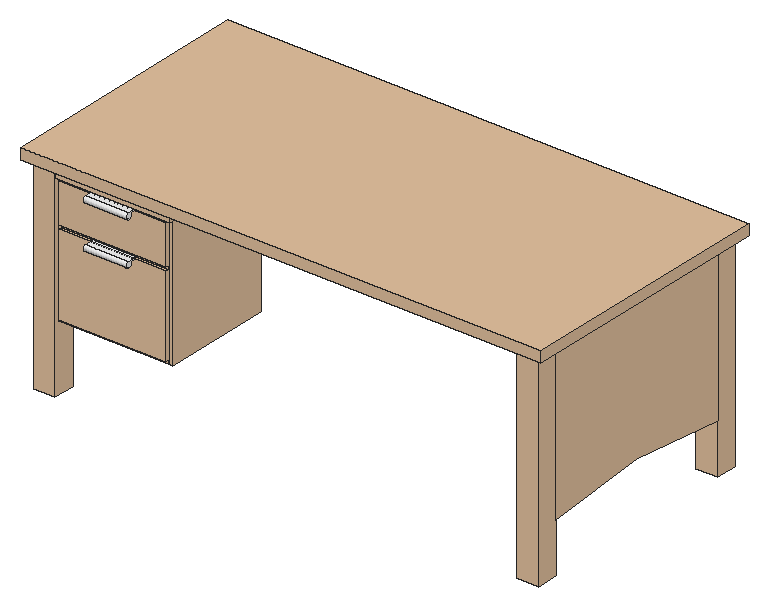
Revit family "Office Desk", category Furniture, Revit 2013
Parameters (values of type "6' x 3'")
  Width - Bottom = Width - 0' 2"  # 5' - 10"
  Width = 6' - 0"
  Pull Handle Material = Metal - Aluminum
  Length = 3' - 0"
  Desk Material = Wood - Cherry
Reference planes (in)
  plane 1 "Center Front/Back": y = 0
  plane 2: z = 0
  plane 3 "Center Left/Right": x = 0
  plane 4: x = -36
  plane 5: x = 36
  plane 6: x = 35
  plane 7: x = -35
  plane 8: y = -18
  plane 9: y = 18
  plane 10: y = -17
  plane 11: y = -14
  plane 12: y = 14
  plane 13: y = 17
  plane 14: x = -32
  plane 15: x = 32
  plane 16: x = 34
  plane 17: x = -34
  plane 18: y = 14.74803
  plane 19: z = 30
  plane 20: z = 0
  plane 21: y = 16
  plane 22: x = -16.125
  plane 23: x = -16.625
  plane 24: x = -31.5
  plane 25: y = -16.5
  plane 26: y = -1.25197
  plane 27: x = -27.0625
  plane 28: x = -21.0625
Forms (in)
  Extrusion 1, solid, material "Wood - Cherry" <- "Desk Material"
    sketch origin (98.77894, 209.08489, 0) x (0, 1, 0) y (-1, 0, 0)
      loop
        line (-191.08489, 62.77894) -> (-191.08489, 134.77894) -> (-227.08489, 134.77894) -> (-227.08489, 62.77894) -> (-191.08489, 62.77894)
    from 28.5 to 30
  Extrusion 2, solid, material "Wood - Cherry" <- "Desk Material"
    sketch origin (-170.64042, 90.72699, 0) x (-1, 0, 0) y (0, -1, 0)
      loop
        line (-138.64042, 107.72699) -> (-138.64042, 104.72699) -> (-135.64042, 104.72699) -> (-135.64042, 107.72699) -> (-138.64042, 107.72699)
      loop
        line (-138.64042, 73.72699) -> (-135.64042, 73.72699) -> (-135.64042, 76.72699) -> (-138.64042, 76.72699) -> (-138.64042, 73.72699)
      loop
        line (-202.64042, 107.72699) -> (-205.64042, 107.72699) -> (-205.64042, 104.72699) -> (-202.64042, 104.72699) -> (-202.64042, 107.72699)
      loop
        line (-202.64042, 73.72699) -> (-202.64042, 76.72699) -> (-205.64042, 76.72699) -> (-205.64042, 73.72699) -> (-202.64042, 73.72699)
    from 0 to 28.5
  Extrusion 3, solid, material "Wood - Cherry" <- "Desk Material"
    sketch origin (-35, -15.74803, 48) x (0, 1, 0) y (0, 0, 1)
      loop
        arc (1.74803, -41) -> (15.74803, -39.58414) -> (29.74803, -41) r 69.92398
        line (29.74803, -41) -> (29.74803, -19.5) -> (1.74803, -19.5) -> (1.74803, -41)
    from 0 to 1
  Extrusion 4, solid, material "Wood - Cherry" <- "Desk Material"
    sketch origin (26.55859, -15.74803, 48) x (0, 1, 0) y (0, 0, -1)
      loop
        line (1.74803, 41) -> (1.74803, 19.5) -> (29.74803, 19.5) -> (29.74803, 41)
        arc (29.74803, 41) -> (15.74803, 39.58414) -> (1.74803, 41) r 69.92398
    from -8.44141 to -7.44141
  Extrusion 5, solid, material "Wood - Cherry" <- "Desk Material"
    sketch origin (15.55859, 14.74803, 48) x (1, 0, 0) y (0, 0, 1)
      loop
        line (16.44141, -41) -> (16.44141, -19.5) -> (-47.55859, -19.5) -> (-47.55859, -41)
        arc (-47.55859, -41) -> (-15.55859, -39.15777) -> (16.44141, -41) r 278.84589
    from -2.25197 to -1.25197
  Extrusion 6, solid, material "Wood - Cherry" <- "Desk Material"
    sketch origin (0, 0, 0) x (-1, 0, 0) y (0, 0, 1)
      loop
        line (31.5, 9.25) -> (31.5, 9.75) -> (16.625, 9.75) -> (16.625, 9.25) -> (31.5, 9.25)
      loop
        line (31.5, 21) -> (31.5, 21.5) -> (16.625, 21.5) -> (16.625, 21) -> (31.5, 21)
    from -16.5 to -1.25197
  Extrusion 7, solid, material "Wood - Cherry" <- "Desk Material"
    sketch origin (0, 0, 0) x (-1, 0, 0) y (0, 0, 1)
      loop
        line (16.125, 28.5) -> (16.125, 9.25) -> (16.625, 9.25) -> (16.625, 28.5) -> (16.125, 28.5)
      loop
        line (31.5, 9.25) -> (32, 9.25) -> (32, 28.5) -> (31.5, 28.5) -> (31.5, 9.25)
    from -16.5 to -1.25197
  Extrusion 8, solid, material "Wood - Cherry" <- "Desk Material"
    sketch origin (32.93991, 0, 27.63987) x (-1, 0, 0) y (0, 0, 1)
      loop
        line (49.06491, -0.51487) -> (64.93991, -0.51487) -> (64.93991, 0.86013) -> (49.06491, 0.86013) -> (49.06491, -0.51487)
    from -17 to -16.5
  Extrusion 9, solid, material "Wood - Cherry" <- "Desk Material"
    sketch origin (32.93991, 0, 26.13987) x (-1, 0, 0) y (0, 0, 1)
      loop
        line (49.56491, -4.63987) -> (64.43991, -4.63987) -> (64.43991, 0.86013) -> (49.56491, 0.86013) -> (49.56491, -4.63987)
    from -17 to -16.5
  Extrusion 10, solid, material "Wood - Cherry" <- "Desk Material"
    sketch origin (32.93991, 0, 20.13987) x (-1, 0, 0) y (0, 0, 1)
      loop
        line (49.56491, -10.38987) -> (64.43991, -10.38987) -> (64.43991, 0.86013) -> (49.56491, 0.86013) -> (49.56491, -10.38987)
    from -17 to -16.5
  Extrusion 11, solid, material "Metal - Aluminum" <- "Pull Handle Material"
    sketch origin (-27.0625, -14.74803, -0.75) x (0, 1, 0) y (0, 0, 1)
      loop
        arc (-3.12294, 27.78102) -> (-3.27603, 27.0637) -> (-2.84343, 27.65602) r 0.375
        line (-2.84343, 27.65602) -> (-2.25197, 27.65602) -> (-2.25197, 27.75) -> (-1.75197, 27.75) -> (-1.75197, 27.78102) -> (-3.12294, 27.78102)
    from 0 to 6
  Extrusion 12, solid, material "Metal - Aluminum" <- "Pull Handle Material"
    sketch origin (-27.0625, -14.74803, -6.75) x (0, 1, 0) y (0, 0, 1)
      loop
        arc (-3.12294, 27.78102) -> (-3.27603, 27.0637) -> (-2.84343, 27.65602) r 0.375
        line (-2.84343, 27.65602) -> (-2.25197, 27.65602) -> (-2.25197, 27.75) -> (-1.75197, 27.75) -> (-1.75197, 27.78102) -> (-3.12294, 27.78102)
    from 0 to 6
Dimensions and locks (in)
  "Width": plane 5 to plane 4
  "Width - Bottom": plane 6 to plane 7
  equal spacing: plane 5, plane 3 "Center Left/Right", plane 4
  equal spacing: plane 6, plane 3 "Center Left/Right", plane 7
  locked: plane 8 to plane 10 at 1
  locked: plane 6 to plane 15 at 3
  locked: plane 14 to plane 7 at 3
  locked: plane 6 to plane 16 at 1
  locked: plane 17 to plane 7 at 1
  locked: plane 10 to plane 11 at 3
  locked: plane 13 to plane 12 at 3
  "Length": plane 8 to plane 9
  equal spacing: plane 8, plane 1 "Center Front/Back", plane 9
  locked: plane 9 to plane 13 at 1
  locked: level to plane 19 at 30
  Extrusion 4 to plane 21 to plane 13 = 0' - 2", 0' - 1"
  locked: plane 22 to plane 14 at 15.875
  locked: plane 22 to plane 23 at 0.5
  locked: plane 24 to plane 14 at 0.5
  locked: plane 10 to plane 25 at 0.5
  locked: plane 25 to plane 26 at 15.24803
  locked: plane 22 to plane 28 at 4.9375
  locked: plane 27 to plane 14 at 4.9375
  aligned and locked: level to plane 2
  aligned and locked: Extrusion 2 to plane 10  (x3)
  aligned and locked: plane 11 to Extrusion 2  (x4)
  aligned and locked: Extrusion 2 to plane 14
  aligned and locked: plane 7 to Extrusion 2  (x4)
  aligned and locked: plane 12 to Extrusion 2  (x3)
  aligned and locked: Extrusion 2 to plane 13  (x2)
  aligned and locked: plane 14 to Extrusion 2  (x3)
  aligned and locked: Extrusion 2 to plane 15  (x4)
  aligned and locked: Extrusion 2 to plane 6  (x4)
  aligned and locked: Extrusion 4 to plane 6
  aligned and locked: plane 7 to Extrusion 3
  aligned and locked: plane 16 to Extrusion 4
  aligned and locked: plane 17 to Extrusion 3
  aligned and locked: Extrusion 3 to plane 12
  aligned and locked: Extrusion 4 to plane 16
  aligned and locked: Extrusion 3 to plane 17
  aligned and locked: plane 9 to Extrusion 1
  aligned and locked: Extrusion 2 to Extrusion 5
  aligned and locked: plane 21 to Extrusion 5
  aligned and locked: Extrusion 6 to plane 23  (x2)
  aligned and locked: Extrusion 7 to plane 22
  aligned and locked: plane 23 to Extrusion 7
  aligned and locked: Extrusion 6 to plane 25
  aligned and locked: Extrusion 7 to plane 25
  aligned and locked: Extrusion 6 to plane 26
  aligned and locked: Extrusion 8 to plane 10
  aligned and locked: plane 25 to Extrusion 8
  aligned and locked: Extrusion 9 to plane 23
  aligned and locked: plane 24 to Extrusion 9
  aligned and locked: Extrusion 10 to plane 23
  aligned and locked: plane 24 to Extrusion 10
  aligned and locked: Extrusion 7 sketch curve to Extrusion 7 sketch curve
  aligned and locked: Extrusion 7 sketch curve to Extrusion 1
  aligned and locked: plane 19 to Extrusion 1
  aligned and locked: Extrusion 7 to plane 26
  aligned and locked: plane 26 to Extrusion 7
  aligned and locked: Extrusion 9 to plane 10
  aligned and locked: Extrusion 10 to plane 10
  aligned and locked: plane 26 to Extrusion 6  (x3)
  aligned and locked: plane 25 to Extrusion 9
  aligned and locked: plane 25 to Extrusion 10
  aligned and locked: Extrusion 11 to plane 27
  aligned and locked: plane 28 to Extrusion 11
  aligned and locked: plane 25 to Extrusion 11
  aligned and locked: plane 25 to Extrusion 12
  aligned and locked: Extrusion 12 to plane 27
  aligned and locked: plane 28 to Extrusion 12
  aligned and locked: Extrusion 11 to plane 28
  aligned and locked: plane 27 to Extrusion 11
  aligned and locked: plane 27 to Extrusion 12
  aligned and locked: Extrusion 12 to plane 28
Automatic sketch dimensions
  Extrusion 1 sketch curve to plane 5 = 0' - 0"
  plane 8 to Extrusion 1 sketch curve = 0' - 0"
  Extrusion 1 sketch curve to plane 4 = 0' - 0"
  plane 9 to Extrusion 1 sketch curve = 0' - 0"
  Extrusion 2 sketch curve to plane 6 = 0' - 0"  (x2)
  Extrusion 2 sketch curve to plane 13 = 0' - 0"  (x2)
  Extrusion 2 sketch curve to plane 15 = 0' - 0"  (x2)
  plane 10 to Extrusion 2 sketch curve = 0' - 0"  (x2)
  Extrusion 2 sketch curve to plane 12 = 0' - 0"  (x2)
  Extrusion 2 sketch curve to plane 14 = 0' - 0"  (x2)
  plane 11 to Extrusion 2 sketch curve = 0' - 0"  (x2)
  Extrusion 2 sketch curve to plane 7 = 0' - 0"  (x2)
  Extrusion 3 sketch curve to plane 11 = 0' - 0"
  Extrusion 3 sketch curve to plane 12 = 0' - 0"
  level to Extrusion 3 sketch curve = 0' - 7"
  Extrusion 3 sketch curve to plane 1 "Center Front/Back" = 0' - 0"
  Extrusion 3 sketch curve to plane 19 = 0' - 1 1/2"
  Extrusion 3 sketch curve to level = 5' - 1.50812"
  Extrusion 4 sketch curve to plane 11 = 0' - 0"
  Extrusion 4 sketch curve to plane 12 = 0' - 0"
  Extrusion 4 sketch curve to plane 19 = 0' - 1 1/2"
  Extrusion 4 sketch curve to plane 1 "Center Front/Back" = 0' - 0"
  level to Extrusion 4 sketch curve = 0' - 7"
  Extrusion 4 sketch curve to level = 5' - 1.50812"
  plane 14 to Extrusion 5 sketch curve = 0' - 0"
  plane 15 to Extrusion 5 sketch curve = 0' - 0"
  level to Extrusion 5 sketch curve = 0' - 7"
  plane 3 "Center Left/Right" to Extrusion 5 sketch curve = 0' - 0"
  Extrusion 5 sketch curve to plane 19 = 0' - 1 1/2"
  Extrusion 5 sketch curve to level = 22' - 6.00367"
  Extrusion 6 sketch curve to plane 23 = 0' - 0"  (x2)
  Extrusion 6 sketch curve to plane 24 = 0' - 0"  (x2)
  level to Extrusion 6 sketch curve = 0' - 9 1/4"
  Extrusion 6 sketch curve to Extrusion 6 sketch curve = 0' - 0 1/2"  (x2)
  Extrusion 6 sketch curve to plane 19 = 0' - 9"
  Extrusion 7 sketch curve to plane 22 = 0' - 0"
  Extrusion 7 sketch curve to plane 23 = 0' - 0"
  Extrusion 7 sketch curve to plane 24 = 0' - 0"
  plane 14 to Extrusion 7 sketch curve = 0' - 0"
  level to Extrusion 7 sketch curve = 0' - 9 1/4"  (x2)
  Extrusion 8 sketch curve to plane 22 = 0' - 0"
  plane 14 to Extrusion 8 sketch curve = 0' - 0"
  Extrusion 8 sketch curve to plane 19 = 0' - 2 7/8"
  Extrusion 8 sketch curve to Extrusion 8 sketch curve = 0' - 1 3/8"
  Extrusion 9 sketch curve to plane 23 = 0' - 0"
  Extrusion 9 sketch curve to plane 24 = 0' - 0"
  Extrusion 9 sketch curve to plane 19 = 0' - 8 1/2"
  Extrusion 9 sketch curve to plane 19 = 0' - 3"
  Extrusion 10 sketch curve to plane 23 = 0' - 0"
  Extrusion 10 sketch curve to plane 24 = 0' - 0"
  level to Extrusion 10 sketch curve = 0' - 9 3/4"
  Extrusion 10 sketch curve to plane 19 = 0' - 9"
  Extrusion 11 sketch curve to plane 10 = 0' - 0"
  Extrusion 11 sketch curve to plane 25 = 0' - 0"
  Extrusion 11 sketch curve to plane 8 = 0' - 0.40854"
  Extrusion 11 sketch curve to plane 19 = 0' - 3.09398"
  Extrusion 11 sketch curve to plane 8 = 0' - 0.12903"
  Extrusion 11 sketch curve to Extrusion 11 sketch curve = 0' - 0.09398"
  Extrusion 11 sketch curve to Extrusion 11 sketch curve = 0' - 0.03102"
  Extrusion 12 sketch curve to plane 10 = 0' - 0"
  Extrusion 12 sketch curve to plane 25 = 0' - 0"
  Extrusion 12 sketch curve to plane 8 = 0' - 0.40854"
  Extrusion 12 sketch curve to plane 19 = 0' - 9.09398"
  Extrusion 12 sketch curve to plane 8 = 0' - 0.12903"
  Extrusion 12 sketch curve to Extrusion 12 sketch curve = 0' - 0.09398"
  Extrusion 12 sketch curve to Extrusion 12 sketch curve = 0' - 0.03102"
